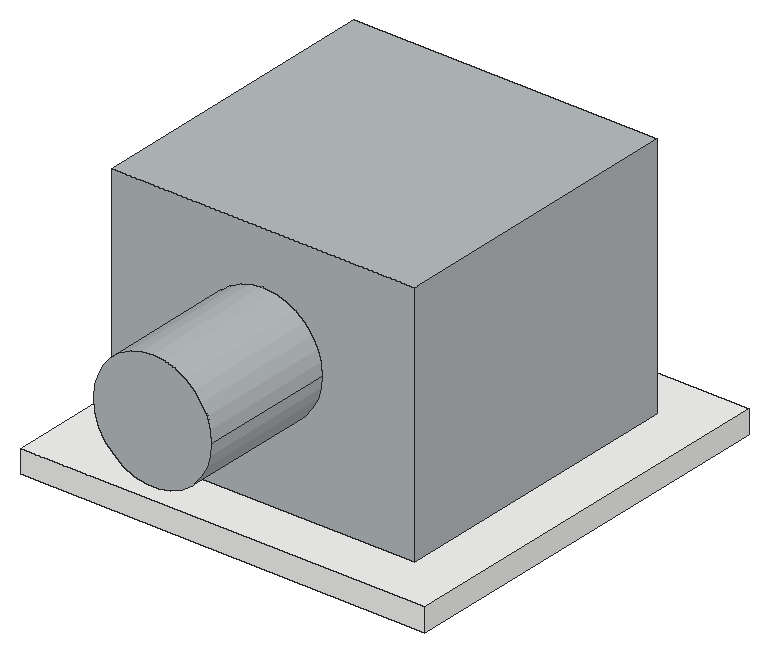
Revit family "vd-15_23zvx6_zvx7-c_60Hz", category 機械設備, Revit 2019
Family settings
  丸型コネクタ寸法 = 直径を使用
  パーツ タイプ = 標準
  OmniClass 番号 = 23.75.35.17.27
  OmniClass タイトル = Centrifugal Fans
  作業面ベース = いいえ
  常に垂直 = はい
  ロード時にボイドで切り取り = いいえ
  共有 = いいえ
  部屋計算ポイント = はい
Parameters (values of type "VD-15ZVX7-C")
  騒音レベル(dB(A)) [instance] = 41.5
  風量 [instance] = 280.0 m³/h
  電源種別 [instance] = ""
  電圧 = 100 V
  電動機出力 = 18.2 W
  電動機_種別 [instance] = ""
  運転質量 = 0.00 kg
  連動 [instance] = ""
  質量 = if(製品質量 > 運転質量, 製品質量, 運転質量) * 1.2  # 3.84 kg
  負荷分類 = 3_ファン類
  説明 = "ダクト用換気扇 低騒音形 インテリア格子タイプ 24時間換気機能付 定風量タイプ"
  設計風量 [instance] = 0.0 m³/h
  設置方法 = "天埋"
  記号 [instance] = ""
  製造元 = "三菱電機株式会社"
  製品質量 = 3.20 kg
  製品出荷対象 = "国内"
  製品リリース年月 = "2024年6月3日"
  製品グループ = ""
  系統 [instance] = ""
  符号 [instance] = if(☑給気／□排気, "FS", "FE")  # "FE"
  積算_科目 = "2 換気設備"
  積算_拾い区分 [instance] = ""
  相 = 1
  盤記号 [instance] = ""
  発停方法 [instance] = ""
  特殊仕様 [instance] = ""
  火災停止 [instance] = ""
  消費電力 = 20 W
  法定耐用年数 = "15"
  機外静圧 [instance] = 0.0 Pa
  極数 = 2
  材質 [instance] = ""
  操作・制御方式 = ""
  操作・制御スイッチ = ""
  排気量 [instance] = if(☑給気／□排気, 0.0 m³/h, 設計風量)  # 0.0 m³/h
  形式 = "天井埋込ダクト形"
  幹線記号 [instance] = ""
  対象室 [instance] = ""
  実風量 [instance] = 0.0 m³/h
  始動方式 [instance] = "直入"
  外気量 [instance] = if(☑給気／□排気, 設計風量, 0.0 m³/h)  # 0.0 m³/h
  呼称 = "天井扇"
  周波数 = 60 Hz
  参照している仕様書等のバージョン = ""
  分類コード = "50052503100030"
  分類グループ = ""
  価格 = 46800
  企業コード = "108420"
  付属品_防振装置 = ""
  付属品 [instance] = ""
  仕様書バージョン = "Version1.0"
  モデル = "VD-15ZVX7-C"
  マテリアル = 鋼板
  ファンの種類 = ""
  ダクト径 = 100 mm
  コメント [instance] = ""
  Keynote = ""
  カバーマテリアル = 合成樹脂(白)
  ☑給気／□排気 [instance] = no
  Width = 251 mm
  W1 = 335 mm
  Version = ""
  Uniclass2015Version = "Systems v1.9"
  Uniclass2015Title = "Centrifugal fans"
  Uniclass2015Code = "Pr_65_67_29_12"
  URL = "https://www.mitsubishielectric.co.jp/ldg/wink/ssl/displayProduct.do?pid=333632"
  SpecificationReference = ""
  SpecificationDescription = ""
  Revision = ""
  ProductInformation = ""
  OmniClassCode = "23-33 31 19 11 15"
  OAサイズ_D = 0 mm
  MIN風量 = 85.0 m³/h
  MIN静圧 = 110.0 Pa
  MID風量 = 160.0 m³/h
  MID静圧 = 135.0 Pa
  MAX風量 = 280.0 m³/h
  MAX静圧 = 0.0 Pa
  IfcTypeProduct = ""
  IfcProduct = ""
  IfcExportType = "PROPELLORAXIAL"
  IfcExportAs = "IfcFanType"
  Height = 204 mm
  H1 = 19 mm
  EAサイズ_D = 98 mm
  Duct_Height = 111 mm
  Duct_Depth = 114 mm
  Duct_Center = 0 mm
  Depth = 251 mm
  D1 = 335 mm
  Author = "三菱電機株式会社"
Types (5, lengths in mm): name | 騒音レベル(dB(A)) | 風量 | 電動機出力 | 質量 | 製品質量 | 製品リリース年月 | 消費電力 | 価格 | モデル | ダクト径 | Width | W1 | URL | MIN風量 | MIN静圧 | MID風量 | MID静圧 | MAX風量 | Height | H1 | EAサイズ_D | Duct_Height | Duct_Depth | Duct_Center | Depth | D1
  VD-15ZVX7-C | 41.5 | 280.0 m³/h | 18.2 W | 3.84 kg | 3.20 kg | "2024年6月3日" | 20 W | 46800 | "VD-15ZVX7-C" | 100 | 251 | 335 | "https://www.mitsubishielectric.co.jp/ldg/wink/ssl/displayProduct.do?pid=333632" | 85.0 m³/h | 110.0 Pa | 160.0 m³/h | 135.0 Pa | 280.0 m³/h | 204 | 19 | 98 | 111 | 114 | 0 | 251 | 335
  VD-18ZVX7-C | 39.5 | 430.0 m³/h | 17.6 W | 5.16 kg | 4.30 kg | "2024年6月3日" | 21 W | 55400 | "VD-18ZVX7-C" | 150 | 270 | 335 | "https://www.mitsubishielectric.co.jp/ldg/wink/ssl/displayProduct.do?pid=333662" | 180.0 m³/h | 60.0 Pa | 300.0 m³/h | 70.0 Pa | 430.0 m³/h | 243 | 19 | 144 | 135 | 142 | 67 | 270 | 335
  VD-20ZVX7-C | 45 | 550.0 m³/h | 32.5 W | 5.88 kg | 4.90 kg | "2024年6月3日" | 40 W | 66400 | "VD-20ZVX7-C" | 150 | 307 | 380 | "https://www.mitsubishielectric.co.jp/ldg/wink/ssl/displayProduct.do?pid=333530" | 230.0 m³/h | 80.0 Pa | 340.0 m³/h | 85.0 Pa | 550.0 m³/h | 243 | 20 | 144 | 135 | 142 | 86 | 307 | 380
  VD-23ZVX6-C | 48.5 | 800.0 m³/h | 65 W | 9.36 kg | 7.80 kg | "2022年6月1日" | 80 W | 89400 | "VD-23ZVX6-C" | 150 | 386 | 475 | "https://www.mitsubishielectric.co.jp/ldg/wink/ssl/displayProduct.do?pid=320795" | 260.0 m³/h | 90.0 Pa | 460.0 m³/h | 150.0 Pa | 800.0 m³/h | 266 | 22 | 144 | 162 | 142 | 111 | 386 | 475
  VD-25ZVX6-C | 51 | 900.0 m³/h | 60.5 W | 9.48 kg | 7.90 kg | "2022年6月1日" | 77 W | 92900 | "VD-25ZVX6-C" | 200 | 386 | 475 | "https://www.mitsubishielectric.co.jp/ldg/wink/ssl/displayProduct.do?pid=320808" | 360.0 m³/h | 70.0 Pa | 650.0 m³/h | 70.0 Pa | 900.0 m³/h | 266 | 22 | 192 | 162 | 85 | 111 | 386 | 475
Reference planes
  plane 1 "中心(正面/背面)": y = 0
  plane 2: z = 0
  plane 3 "中心(左/右)": x = 0
  plane 4: x = -167.5
  plane 5: x = 167.5
  plane 6: y = 167.5
  plane 7: y = -167.5
  plane 8: x = -125.5
  plane 9: x = 125.5
  plane 10: y = 125.5
  plane 11: y = -125.5
  plane 12: y = -239.5
  plane 13: z = 204
  plane 14: z = -19
  plane 15: z = 111
  plane 16: x = 0
Forms (mm)
  Extrusion 1, solid, material "鋼板" <- "マテリアル", detail levels fine
    sketch origin (0, 0, 0) x (1, 0, 0) y (0, 1, 0)
      loop
        line (-125.5, 125.5) -> (-125.5, -125.5) -> (125.5, -125.5) -> (125.5, 125.5) -> (-125.5, 125.5)
    from 0 to 204
  Extrusion 2, solid, material "合成樹脂(白)" <- "カバーマテリアル", detail levels fine
    sketch origin (0, 0, 0) x (1, 0, 0) y (0, 1, 0)
      loop
        line (-167.5, 167.5) -> (-167.5, -167.5) -> (167.5, -167.5) -> (167.5, 167.5) -> (-167.5, 167.5)
    from 0 to -19
  Extrusion 3, solid, material "鋼板" <- "マテリアル", detail levels fine
    sketch origin (0, 0, 0) x (1, 0, 0) y (0, 0, 1)
      loop
        circle (0, 111) r 49
    from 125.5 to 239.5
Dimensions and locks
  equal spacing: plane 4, plane 3 "中心(左/右)", plane 5
  "W1": plane 4 to plane 5
  equal spacing: plane 6, plane 1 "中心(正面/背面)", plane 7
  "D1": plane 6 to plane 7
  equal spacing: plane 8, plane 3 "中心(左/右)", plane 9
  "Width": plane 8 to plane 9
  equal spacing: plane 10, plane 1 "中心(正面/背面)", plane 11
  "Depth": plane 10 to plane 11
  "Duct_Depth": plane 11 to plane 12
  "Height": plane 13 to plane 2
  "Duct_Height": plane 15 to plane 2
  "H1": plane 2 to plane 14
  "Duct_Center": plane 3 "中心(左/右)" to plane 16
  "EAサイズ_D": diameter of Extrusion 3 sketch curve
  aligned and locked: level to plane 2
  aligned and locked: plane 5 to Extrusion 2
  aligned and locked: plane 6 to Extrusion 2
  aligned and locked: Extrusion 2 to plane 4
  aligned and locked: Extrusion 2 to plane 7
  aligned and locked: plane 9 to Extrusion 1
  aligned and locked: Extrusion 1 to plane 11
  aligned and locked: Extrusion 1 to plane 8
  aligned and locked: plane 10 to Extrusion 1
  aligned and locked: plane 13 to Extrusion 1
  aligned and locked: Extrusion 2 to plane 14
  aligned and locked: level to Extrusion 2
  aligned and locked: Extrusion 1 to level
  aligned and locked: Extrusion 3 to plane 12
  aligned and locked: plane 11 to Extrusion 3
Automatic sketch dimensions
  Extrusion 1 sketch curve to plane 3 "中心(左/右)" = 125.5 mm
  plane 3 "中心(左/右)" to Extrusion 1 sketch curve = 125.5 mm
  Extrusion 2 sketch curve to plane 3 "中心(左/右)" = 167.5 mm
  plane 3 "中心(左/右)" to Extrusion 2 sketch curve = 167.5 mm
  plane 1 "中心(正面/背面)" to Extrusion 1 sketch curve = 125.5 mm
  Extrusion 1 sketch curve to plane 1 "中心(正面/背面)" = 125.5 mm
  plane 1 "中心(正面/背面)" to Extrusion 2 sketch curve = 167.5 mm
  Extrusion 2 sketch curve to plane 1 "中心(正面/背面)" = 167.5 mm
  Extrusion 3 sketch curve to plane 15 = 0 mm
  Extrusion 3 sketch curve to plane 16 = 0 mm
Nested families
  nested 1: "記号_天井換気扇_平面" at (0, 0, 0), type "記号_天井換気扇_平面", detail levels coarse+medium
Connectors
  hvac at (0, -239.5, 111), driven by "ダクト径", driven by "風量", driven by "機外静圧"
    settings: on Extrusion 3, index 1, duct flow 280.0 m³/h, flow factor 0, pres drop 0.0 Pa, loss coef 0, conn angle 0.00°, conn width 304.8 mm, conn height 304.8 mm, conn diameter 100 mm, duct sys type 3, conn prof type 0, flow config 0, flow direction 2, loss method 4, conn ref index -1, conn util no, is conn primary yes, conn desc ""
  electrical at (0, 0, 204), driven by "極数", driven by "負荷分類", driven by "電圧", driven by "消費電力"
    settings: on Extrusion 1, index 2, voltage 100 V, apparent load 20 VA, apparent load phase1 0 VA, apparent load phase2 0 VA, apparent load phase3 0 VA, power factor 1, load classification "3_ファン類", number of poles 2, system type 30, power factor state 1, is connector primary yes, connector utility no, sub classification motor no, connector description ""
Definition of nested family "記号_天井換気扇_平面"
  Reference planes
    plane 1: y = 0
    plane 2: x = 0
  Lines and regions (mm)
    detail lines
      curve 1: line (-2.5, 2.5, 0) -> (2.5, 2.5, 0)
      curve 2: line (-2.5, -2.5, 0) -> (-2.5, 2.5, 0)
      curve 3: line (2.5, -2.5, 0) -> (-2.5, -2.5, 0)
      curve 4: line (2.5, 2.5, 0) -> (2.5, -2.5, 0)
      curve 5: circle (-1.04, -1.04, 0) r 1.46 normal (0, 0, 1)
      curve 6: circle (1.04, 1.04, 0) r 1.46 normal (0, 0, 1)
      curve 7: line (-3.125, 3.125, 0) -> (3.125, 3.125, 0)
      curve 8: line (-3.125, -3.125, 0) -> (-3.125, 3.125, 0)
      curve 9: line (3.125, -3.125, 0) -> (-3.125, -3.125, 0)
      curve 10: line (3.125, 3.125, 0) -> (3.125, -3.125, 0)
      curve 11: circle (1.295, 1.295, 0) r 1.83 normal (0, 0, 1)
      curve 12: circle (-1.295, -1.295, 0) r 1.83 normal (0, 0, 1)
      curve 13: line (-2, 2, 0) -> (2, 2, 0)
      curve 14: line (-2, -2, 0) -> (-2, 2, 0)
      curve 15: line (2, -2, 0) -> (-2, -2, 0)
      curve 16: line (2, 2, 0) -> (2, -2, 0)
      curve 17: circle (0.84, 0.84, 0) r 1.16 normal (0, 0, 1)
      curve 18: circle (-0.84, -0.84, 0) r 1.2 normal (0, 0, 1)
